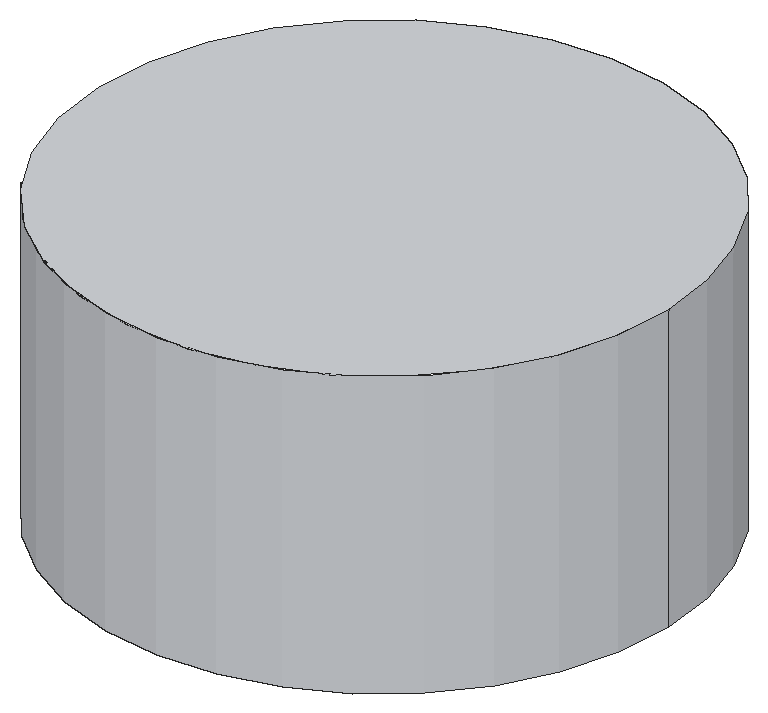
Revit family "ASF-6-C12", category Mechanical Equipment, Revit 2023
Family settings
  Round Connector Dimension = Use Diameter
  Classification = None
  Part Type = Normal
  OmniClass Number = 23.75.00.00
  OmniClass Title = Climate Control (HVAC)
  Work Plane-Based = No
  Always vertical = Yes
  Cut with Voids When Loaded = No
  Maintain Annotation Orientation = No
  Shared = No
  Room Calculation Point = No
Parameters (values of type "Standard")
  Volume = 0.0316839 CF
  Title = "Aura Solar Attic Fan - 6\" Diameter, 12\" Tall Collar"
  Subject = "ASF-6-C6"
  Requested Accuracy = "Low"
  Part Number = "ASF-6-C12"
  Mass = 3.84774 lbm
  Designer = "CAD Machine"
  Design State = 1
  Density = 121.442 lb/ft³
  Default Elevation = 0' - 0"
  Creation Date = "11/11/2022"
  Connector_1_Diameter = 0' - 5 3/4"
  Center of Gravity = "X: 0.031 in Y: -6.404 in Z: 0.000 in"
  Author = "CAD Machine"
  Area = 15.049 SF
Reference planes (in)
  plane 1 "Center (Front/Back)": y = 0
  plane 2: z = 0
  plane 3 "Center (Left/Right)": x = 0
Forms (in)
  Extrusion 1, solid
    sketch origin (0, 0, -18.8472) x (1, 0, 0) y (0, 1, 0)
      loop
        circle (0, 0) r 0.12
    from 0 to -0.12
Dimensions and locks (in)
  aligned and locked: plane 2 to level
Connectors (in)
  hvac at (0, 0, -18.8472), driven by "Connector_1_Diameter"
    settings: on Extrusion 1, index 1, duct flow 0 CFM, flow factor 0, pres drop 0.00 in-wg, loss coef 0, conn angle 0.00°, conn width 12", conn height 12", conn diameter 5 3/4", duct sys type 3, conn prof type 0, flow config 1, flow direction 1, loss method 0, conn ref index -1, conn util no, is conn primary yes, conn desc ""
